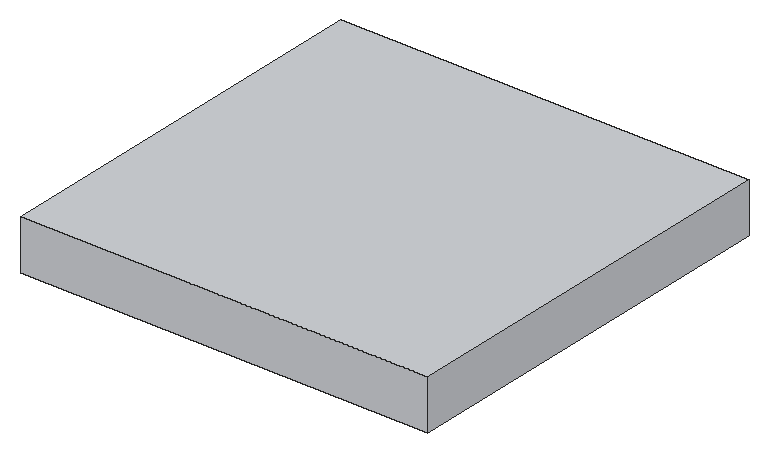
Revit family "TC - Base Wall Drop1", category Data Devices, host Face, Revit 2024
Family settings
  Host = Face
  Round Connector Dimension = Use Diameter
  Part Type = Normal
  OmniClass Number = 23.85.50.17.11
  OmniClass Title = Computer Network Equipment
  Cut with Voids When Loaded = No
  Maintain Annotation Orientation = Yes
  Shared = Yes
  Room Calculation Point = No
Parameters (values of type "RS - 1 Port")
  TC Tagging Order [instance] = ""
  TC Label Quadrant [instance] = 0
  TC Auto Orient Version = 1
  TC Auto Orient [instance] = yes
  Symbol On/Off [instance] = yes
  Shade Right [instance] = # of Ports > 1  # no
  Shade Left [instance] = 1 = 0  # no
  Mounting Type [instance] = "Wall"
  IDF Room [instance] = ""
  Floor [instance] = ""
  Elevation Tag - Rotate [instance] = yes
  Elevation Tag [instance] = no
  Data Elevation [instance] = ""
  Cable ID Tag - Right Rotate [instance] = TC Label Quadrant = 3  # no
  Cable ID Tag - Right [instance] = TC Label Quadrant = 2  # no
  Cable ID Tag [instance] = TC Label Quadrant = 0  # yes
  Cable ID Tag - Rotate [instance] = TC Label Quadrant = 1  # no
  # of Ports Tag - Rotate [instance] = TC Label Quadrant = 1  # no
  # of Ports Tag - Left Rotate [instance] = TC Label Quadrant = 3  # no
  # of Ports Tag - Left [instance] = TC Label Quadrant = 2  # no
  # of Ports Tag [instance] = TC Label Quadrant = 0  # yes
  Faceplate Width = 0' - 2 1/2"
  Faceplate Height = 0' - 4"
  Faceplate Depth = 0' - 0 3/16"
  Description = ""
  Default Elevation = 1' - 6"
  Cable ID Suffix = "RS"
  Backbox Width = 0' - 4"
  Backbox Height = 0' - 4"
  Backbox Depth = 0' - 2"
  Assembly Code = ""
  # of Ports = 1
Types (15): name | Shade Right | Mounting Type | Elevation Tag - Rotate | Elevation Tag | Default Elevation | Cable ID Suffix | # of Ports
  TD - 1 Port | no | "Wall" | no | yes | 1' - 6" | "TD" | 1
  TD - 2 Port | yes | "Wall" | yes | no | 1' - 6" | "TD" | 2
  TD - 4 Port | yes | "Wall" | no | yes | 1' - 6" | "TD" | 4
  RS - 1 Port | no | "Wall" | yes | no | 1' - 6" | "RS" | 1
  AV - 1 Port | no | "Wall" | no | yes | 1' - 6" | "AV" | 1
  AV - 2 Port | yes | "Wall" | no | yes | 1' - 6" | "AV" | 2
  AC - 1 Port | no | "Wall" | no | yes | 1' - 6" | "AC" | 1
  AC - 2 Port | yes | "Wall" | no | yes | 1' - 6" | "AC" | 2
  AV - 4 Port | yes | "Wall" | no | yes | 7' - 6" | "AV" | 4
  TD - 3 Port | yes | "Wall" | no | yes | 1' - 6" | "TD" | 3
  P - 2 Drop | yes | "Wall" | yes | no | 1' - 6" | "P" | 2
  CAM 2 | no | "" | no | yes | 1' - 6" | "CM" | 1
  O 2 | no | "" | no | yes | 1' - 6" | "O" | 0
  AV 2 | no | "" | no | yes | 1' - 6" | "AV" | 0
  AC 2 | yes | "" | no | yes | 1' - 6" | "AC" | 2
Reference planes (in)
  plane 1 "Center (Front/Back)": y = 0
  plane 2: z = 0
  plane 3 "Center (Left/Right)": x = 0
  plane 4 "Left Inside": x = -2
  plane 5 "Right Inside": x = 2
  plane 6 "Top Inside": y = 2
  plane 7 "Bottom Inside": y = -2
  plane 8 "Left Outside": x = -1.25
  plane 9 "Right Outside": x = 1.25
  plane 10 "Top Outside": y = 2
  plane 11 "Bottom Outside": y = -2
  plane 12 "Front": z = 0.1875
  plane 13 "Back": z = -2
Forms (in)
  Extrusion 1, solid
    sketch origin (0, 0, 0) x (1, 0, 0) y (0, 1, 0)
      loop
        line (-49.63881, 48) -> (-49.63881, -48) -> (48, -48) -> (48, 48) -> (-49.63881, 48)
    from 0 to -12
  Extrusion 2, solid, not visible, detail levels fine
    sketch origin (0, 0, 0) x (1, 0, 0) y (0, 1, 0)
      loop
        line (-2, 2) -> (-2, -2) -> (2, -2) -> (2, 2) -> (-2, 2)
    from -0.13408 to -2
  Extrusion 3, solid, not visible, detail levels fine
    sketch origin (0, 0, 0) x (1, 0, 0) y (0, 1, 0)
      loop
        line (-1.25, 2) -> (-1.25, -2) -> (1.25, -2) -> (1.25, 2) -> (-1.25, 2)
    from 0 to 0.1875
  Extrusion 4, solid, detail levels medium
    sketch origin (0, 0, 0) x (1, 0, 0) y (0, 1, 0)
      loop
        line (-1.25, 2) -> (-1.25, -2) -> (1.25, -2) -> (1.25, 2) -> (-1.25, 2)
    from -0.13408 to 0
Lines and regions (in)
  symbolic lines, detail levels fine
    curve 1: line (-1.25, 0, 0) -> (1.25, 0, 0)
    curve 2: line (-1.25, 0, 0.1875) -> (-1.25, 0, 0)
    curve 3: line (1.25, 0, 0.1875) -> (-1.25, 0, 0.1875)
    curve 4: line (1.25, 0, 0) -> (1.25, 0, 0.1875)
Dimensions and locks (in)
  equal spacing: plane 4 "Left Inside", plane 3 "Center (Left/Right)", plane 5 "Right Inside"
  "Backbox Width": plane 4 "Left Inside" to plane 5 "Right Inside"
  equal spacing: plane 6 "Top Inside", plane 1 "Center (Front/Back)", plane 7 "Bottom Inside"
  "Backbox Height": plane 6 "Top Inside" to plane 7 "Bottom Inside"
  equal spacing: plane 8 "Left Outside", plane 3 "Center (Left/Right)", plane 9 "Right Outside"
  "Faceplate Width": plane 8 "Left Outside" to plane 9 "Right Outside"
  equal spacing: plane 10 "Top Outside", plane 1 "Center (Front/Back)", plane 11 "Bottom Outside"
  "Faceplate Height": plane 10 "Top Outside" to plane 11 "Bottom Outside"
  "Faceplate Depth": plane 12 "Front" to plane 2
  "Backbox Depth": plane 2 to plane 13 "Back"
  aligned and locked: plane 2 to Extrusion 1
  aligned and locked: level to Extrusion 1
  aligned and locked: plane 4 "Left Inside" to Extrusion 2 sketch curve
  aligned and locked: Extrusion 2 sketch curve to plane 6 "Top Inside"
  aligned and locked: plane 7 "Bottom Inside" to Extrusion 2 sketch curve
  aligned and locked: Extrusion 2 sketch curve to plane 5 "Right Inside"
  aligned and locked: Extrusion 2 to plane 13 "Back"
  aligned and locked: plane 8 "Left Outside" to Extrusion 3 sketch curve
  aligned and locked: Extrusion 3 sketch curve to plane 10 "Top Outside"
  aligned and locked: plane 11 "Bottom Outside" to Extrusion 3 sketch curve
  aligned and locked: Extrusion 3 sketch curve to plane 9 "Right Outside"
  aligned and locked: plane 12 "Front" to Extrusion 3
  aligned and locked: plane 8 "Left Outside" to curve 2
  aligned and locked: curve 4 to plane 9 "Right Outside"
  aligned and locked: plane 12 "Front" to curve 3
  aligned and locked: curve 1 to level
  aligned and locked: plane 8 "Left Outside" to curve 1
  aligned and locked: Extrusion 4 to plane 8 "Left Outside"
  aligned and locked: plane 6 "Top Inside" to Extrusion 4
  aligned and locked: Extrusion 2 to Extrusion 4
Automatic sketch dimensions
  Extrusion 1 sketch curve to Extrusion 1 sketch curve = 8' - 1.63881"
  Extrusion 1 sketch curve to Extrusion 1 sketch curve = 8' - 0"
  Extrusion 4 sketch curve to plane 8 "Left Outside" = 0' - 0"
  Extrusion 4 sketch curve to plane 9 "Right Outside" = 0' - 0"
  Extrusion 4 sketch curve to plane 7 "Bottom Inside" = 0' - 0"
  Extrusion 4 sketch curve to plane 6 "Top Inside" = 0' - 0"
Nested families (in)
  nested 1: "TC_WALL DROP SYMBOL" at (0, 0, 0), Cable ID Suffix <- "Cable ID Suffix", # of Ports <- "# of Ports", Elevation Tag <- "Elevation Tag", Elevation Tag - Rotate <- "Elevation Tag - Rotate", # of Ports Tag <- "# of Ports Tag", Cable ID Tag <- "Cable ID Tag", Cable ID Tag - Rotate <- "Cable ID Tag - Rotate", visible <- "Symbol On/Off", Shade Left <- "Shade Left", Shade Right <- "Shade Right", # of Ports Tag - Left <- "# of Ports Tag - Left", # of Ports Tag - Left Rotate <- "# of Ports Tag - Left Rotate", Cable ID Tag - Right <- "Cable ID Tag - Right", Cable ID Tag - Right Rotate <- "Cable ID Tag - Right Rotate", # of Ports Tag - Rotate <- "# of Ports Tag - Rotate", Data Elevation <- "Data Elevation", type "TC_WALL DROP SYMBOL"
    with Shade Right no, Shade Left no, Elevation Tag - Rotate yes, Elevation Tag no, Data Elevation "", Cable ID Tag - Rotate no, Cable ID Tag - Right Rotate no, Cable ID Tag - Right no, Cable ID Tag yes, Cable ID Suffix "RS", # of Ports Tag - Rotate no, # of Ports Tag - Left Rotate no, # of Ports Tag - Left no, # of Ports Tag yes, # of Ports 1
Connectors (in)
  electrical at (0, 2, -1.06704)
    settings: on Extrusion 2, index 1, voltage 0 V, apparent load 0 VA, apparent load phase1 0 VA, apparent load phase2 0 VA, apparent load phase3 0 VA, power factor 0, load classification "Other", number of poles 1, system type 5, power factor state 1, is connector primary yes, connector utility no, sub classification motor no, connector description ""
Definition of nested family "TC_WALL DROP SYMBOL"
  Parameters (values of type "TC_WALL DROP SYMBOL")
    Shade Right [instance] = yes
    Shade Left [instance] = no
    Elevation Tag - Rotate [instance] = no
    Elevation Tag [instance] = no
    Data Elevation [instance] = ""
    Cable ID Tag - Rotate [instance] = no
    Cable ID Tag - Right Rotate [instance] = no
    Cable ID Tag - Right [instance] = no
    Cable ID Tag [instance] = yes
    Cable ID Suffix [instance] = ""
    # of Ports Tag - Rotate [instance] = no
    # of Ports Tag - Left Rotate [instance] = no
    # of Ports Tag - Left [instance] = no
    # of Ports Tag [instance] = yes
    # of Ports [instance] = 0
  Reference planes (in)
    plane 1: y = 0
    plane 2: x = 0
  Lines and regions (in)
    Filled region 1, type "Solid Black", visible <- "Shade Right"
      outline origin (0, 0, 0) x (1, 0, 0) y (0, 1, 0)
        loop
          line (0, 0) -> (0.07679, 0.133) -> (0, 0.133) -> (0, 0)
    Filled region 2, type "Solid Black", visible <- "Shade Left"
      outline origin (0, 0, 0) x (1, 0, 0) y (0, 1, 0)
        loop
          line (0, 0) -> (0, 0.133) -> (-0.07679, 0.133) -> (0, 0)
    detail lines
      curve 1: line (-0.07679, 0.133, 0) -> (0.07679, 0.133, 0)
      curve 2: line (0.07679, 0.133, 0) -> (0, 0, 0)
      curve 3: line (-0.07679, 0.133, 0) -> (0, 0, 0)
      curve 4: line (-0.06693, 0, 0) -> (0.06693, 0, 0)
  Text (in)
    label "#" at (0.06898, 0.2146, 0), shows "# of Ports", visible <- "# of Ports Tag"
    label "ID" at (-0.03732, 0.2146, 0), shows "Cable ID Suffix", visible <- "Cable ID Tag"
    label "#" at (0.1093, 0.19382, 0), shows "# of Ports", visible <- "# of Ports Tag - Rotate"
    label "ID" at (-0.08666, 0.17647, 0), shows "Cable ID Suffix", visible <- "Cable ID Tag - Rotate"
    label "Data Elevation" at (0.17412, -0.12459, 0), shows "Data Elevation", visible <- "Elevation Tag - Rotate"
    label "Data Elevation" at (0.083, -0.04006, 0), shows "Data Elevation", visible <- "Elevation Tag"
    label "ID" at (0.06845, 0.2146, 0), shows "Cable ID Suffix", visible <- "Cable ID Tag - Right"
    label "ID" at (0.10866, 0.17647, 0), shows "Cable ID Suffix", visible <- "Cable ID Tag - Right Rotate"
    label "#" at (-0.1204, 0.2146, 0), shows "# of Ports", visible <- "# of Ports Tag - Left"
    label "#" at (-0.08009, 0.19382, 0), shows "# of Ports", visible <- "# of Ports Tag - Left Rotate"
